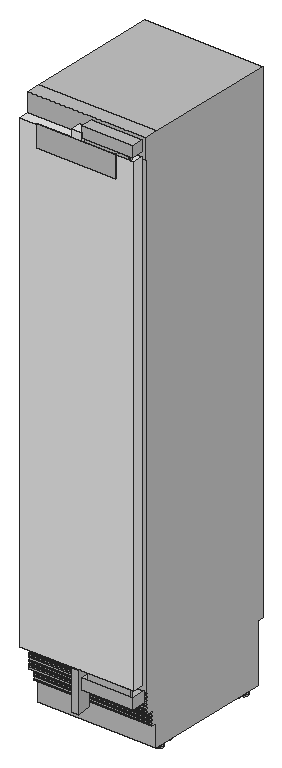
Revit family "FP-Revit20-en-RS4621FRJE1-Freezer-0-AS-AU-CN-EU-IE-NZ-SG-UK-90001089A", category Specialty Equipment, Revit 2020
Family settings
  Round Connector Dimension = Use Diameter
  Part Type = Normal
  OmniClass Number = 23.40.40.11.11
  OmniClass Title = Refrigerators and Freezers
  Work Plane-Based = No
  Always vertical = Yes
  Cut with Voids When Loaded = Yes
  Shared = No
  Room Calculation Point = No
Parameters (values of type "RS4621FRJE1")
  Visibility - Water Connection = no
  Visibility - Visibility Control Note = yes
  Visibility - Clearance Required = yes
  URL = "www.fisherpaykel.com"
  Stainless Steel Door Panels (RD4612L10D) = no
  Product - Width = 451 mm  # constant formula
  Product - Height = 2134 mm  # constant formula
  Product - Depth (exl front panel) = 610 mm  # constant formula
  Model = "RS4621FRJE1"
  Material - Handle = Fisher & Paykel - Aluminium
  Material - Door Structure = Fisher & Paykel - White
  Material - Door Front = Fisher & Paykel - Stainless Steel
  Material - Body = Fisher & Paykel - Grey
  Manufacturer = "Fisher & Paykel Appliances"
  Handle Style - Contemporary Square (AHD3-RD21) = no
  Handle Style - Contemporary Round (AHS-RD21) = no
  Description = "46cm Integrated Column Freezer, stainless steel interior"
  Default Elevation = 0 mm
  Connector Description - Water = "Water Supply not required"
  Connector Description - Electrical = "230 V, 10 amp fused electrical supply"
  Cavity - Width = 457 mm  # constant formula
  Cavity - Height = 2134 mm  # constant formula
  Cavity - Depth = 650 mm  # constant formula
Types (4, lengths in mm): name | Visibility - Water Connection | Model | Description | Connector Description - Water
  (no name) | no | "RS4621FRJE1" | "46cm Integrated Column Freezer, stainless steel interior" | "Water Supply not required"
  RS4621FRJK1 | yes | "RS4621FRJK1" | "46cm Integrated Column Freezer with internal ice maker, stainless steel interior" | "1/2 BSP Stainless steel braided hose"
  RS4621FRJE1 | no | "RS4621FRJE1" | "46cm Integrated Column Freezer, stainless steel interior" | "Water Supply not required"
  RS4621FRJ1 | yes | "RS4621FRJ1" | "46cm Integrated Column Freezer with internal ice maker, white interior" | "1/2 BSP Stainless steel braided hose"
Reference planes
  plane 1 "Datum": y = 0
  plane 2: z = 0
  plane 3 "Center (Left/Right)": x = 0
  plane 4 "Product LHS": x = -225.5
  plane 5 "Product RHS": x = 225.5
  plane 6 "Product - Depth": y = 610
  plane 7 "Cavity LHS": x = -228.5
  plane 8 "Cavity RHS": x = 228.5
  plane 9 "Cavity - Depth": y = 628
  plane 10 "Handle Offset": x = -162.5
  plane 11 "Product Height": z = 2134
  plane 12 "Cavity Height": z = 2134
  plane 13 "Door Panel Datum": y = -4.1
Forms (mm)
  Extrusion 1, solid, material "Fisher & Paykel - Grey" <- "Material - Body", detail levels fine
    sketch origin (0, 0, 0) x (0, 1, 0) y (0, 0, 1)
      loop
        line (100.1, 19.1) -> (587.9, 19.1) -> (587.9, 239.7) -> (610, 239.7) -> (610, 2131.9) -> (105.1, 2131.9) -> (105.1, 2134) -> (49.9, 2134) -> (49.9, 2059) -> (56, 2059) -> (56, 228.6) -> (59.5, 228.6) -> (59.5, 219.7) -> (56.5, 219.7) -> (56.5, 215.9) -> (59.5, 215.9) -> (59.5, 207) -> (56.5, 207) -> (56.5, 203.2) -> (59.5, 203.2) -> (59.5, 194.3) -> (56.5, 194.3) -> (56.5, 190.5) -> (59.5, 190.5) -> (59.5, 181.6) -> (56.5, 181.6) -> (56.5, 177.8) -> (59.5, 177.8) -> (59.5, 168.9) -> (56.5, 168.9) -> (56.5, 165.1) -> (59.5, 165.1) -> (59.5, 156.2) -> (56.5, 156.2) -> (56.5, 152.4) -> (84.1, 152.4) -> (84.1, 143.5) -> (81.1, 143.5) -> (81.1, 139.7) -> (84.1, 139.7) -> (84.1, 130.8) -> (81.1, 130.8) -> (81.1, 127) -> (84.1, 127) -> (84.1, 118.1) -> (81.1, 118.1) -> (81.1, 114.3) -> (84.1, 114.3) -> (84.1, 105.4) -> (81.1, 105.4) -> (81.1, 101.6) -> (100.1, 101.6) -> (100.1, 19.1)
    from -225.5 to 225.5
  Extrusion 2, solid, material "Fisher & Paykel - Grey" <- "Material - Body"
    sketch origin (0, 0, 0) x (1, 0, 0) y (0, 1, 0)
      loop
        circle (-205, 547.8) r 4.1
      loop
        circle (-205, 141.8) r 4.1
      loop
        circle (205, 547.8) r 4.1
      loop
        circle (205, 141.8) r 4.1
    from 3 to 19.5
  Extrusion 3, solid, material "Fisher & Paykel - Grey" <- "Material - Body"
    sketch origin (0, 0, 0) x (1, 0, 0) y (0, 1, 0)
      loop
        circle (-205, 547.8) r 14.5
      loop
        circle (-205, 141.8) r 14.555
      loop
        circle (205, 547.8) r 14.5
      loop
        circle (205, 141.8) r 14.555
    from 0 to 3
  Extrusion 4, solid, material "Fisher & Paykel - Grey" <- "Material - Body", detail levels fine
    sketch origin (0, 0, 0) x (1, 0, 0) y (0, 1, 0)
      loop
        line (-7.5, 49) -> (-13.797, -4.1) -> (13.797, -4.1) -> (7.5, 49) -> (-7.5, 49)
    from 104.2 to 254.2
  Extrusion 5, solid, material "Fisher & Paykel - Grey" <- "Material - Body", detail levels fine
    sketch origin (0, 0, 0) x (1, 0, 0) y (0, 0, 1)
      loop
        line (213.9, 2123.15) -> (18.92, 2123.15) -> (18.92, 2081.05) -> (213.9, 2081.05) -> (213.9, 2123.15)
    from -49 to -2.5
  Extrusion 6, solid, material "Fisher & Paykel - Grey" <- "Material - Body", detail levels fine
    sketch origin (0, 0, 0) x (1, 0, 0) y (0, 0, 1)
      loop
        line (41.9, 254.2) -> (41.9, 229.75) -> (206.9, 229.75) -> (206.9, 254.2) -> (41.9, 254.2)
      loop
        line (29.5, 2081.05) -> (29.5, 2068.6) -> (206.9, 2068.6) -> (206.9, 2076.05) -> (166.9, 2081.05) -> (29.5, 2081.05)
    from -7 to -4
  Extrusion 7, solid, material "Fisher & Paykel - Grey" <- "Material - Body", detail levels fine
    sketch origin (0, 0, 0) x (0, 1, 0) y (0, 0, 1)
      loop
        line (0, 2070.6) -> (0, 1988.6) -> (2, 1988.6) -> (2, 2068.6) -> (4, 2068.6) -> (4, 2070.6) -> (0, 2070.6)
    from -150 to 150
  Extrusion 8, solid, material "Fisher & Paykel - Grey" <- "Material - Body"
    sketch origin (0, 0, 0) x (1, 0, 0) y (0, 0, 1)
      loop
        circle (150.5, 119.813) r 5
      loop
        circle (-150.5, 119.813) r 5
    from -590 to -587.9
  Extrusion 9, solid, material "Fisher & Paykel - White" <- "Material - Door Structure"
    sketch origin (0, 0, 0) x (1, 0, 0) y (0, 1, 0)
      loop
        line (-200.5, 56) -> (-200.5, 42) -> (200.5, 42) -> (200.5, 56) -> (-200.5, 56)
    from 269.6 to 2030.7
  Extrusion 10, solid, material "Fisher & Paykel - White" <- "Material - Door Structure"
    sketch origin (0, 0, 0) x (1, 0, 0) y (0, 1, 0)
      loop
        line (-216.9, 42) -> (-216.9, 3) -> (216.9, 3) -> (216.9, 42) -> (-216.9, 42)
    from 254.2 to 2068.6
  Extrusion 11, solid, material "Fisher & Paykel - White" <- "Material - Door Structure", detail levels fine
    sketch origin (0, 0, 0) x (1, 0, 0) y (0, 0, 1)
      loop
        line (-18.92, 2100.1) -> (-18.92, 2068.6) -> (18.92, 2068.6) -> (18.92, 2100.1) -> (-18.92, 2100.1)
    from -42 to -3
  Extrusion 12, solid, material "Fisher & Paykel - Stainless Steel" <- "Material - Door Front", visible <- "Stainless Steel Door Panels (RD4612L10D)"
    sketch origin (0, 0, 0) x (0, 1, 0) y (0, 0, 1)
      loop
        line (-22.1, 2130.8) -> (-22.1, 102) -> (-4.1, 102) -> (-4.1, 2130.8) -> (-22.1, 2130.8)
    from -225.5 to 225.5
  Extrusion 13, solid, material "Fisher & Paykel - Grey" <- "Material - Body", detail levels coarse+medium
    sketch origin (0, 0, 0) x (0, 1, 0) y (0, 0, 1)
      loop
        line (49.9, 2134) -> (49.9, 2059) -> (56, 2059) -> (56, 152.4) -> (81.1, 152.4) -> (81.1, 101.6) -> (100.1, 101.6) -> (100.1, 19.1) -> (587.9, 19.1) -> (587.9, 239.7) -> (610, 239.7) -> (610, 2134) -> (49.9, 2134)
    from -225.5 to 225.5
  Extrusion 14, solid, material "Fisher & Paykel - Grey" <- "Material - Body", detail levels fine
    sketch origin (0, 0, 0) x (1, 0, 0) y (0, 0, 1)
      loop
        line (213.9, 187.65) -> (213.9, 229.75) -> (18.92, 229.75) -> (18.92, 187.65) -> (213.9, 187.65)
    from -56 to -2.5
  Extrusion 15, solid, material "Fisher & Paykel - Grey" <- "Material - Body", detail levels fine
    sketch origin (0, 0, -4) x (0, 1, 0) y (0, 0, 1)
      loop
        arc (163.888, 23.1) -> (180.4, 13.63) -> (196.912, 23.1) r 19.13
        line (196.912, 23.1) -> (163.888, 23.1)
      loop
        arc (493.888, 23.1) -> (510.4, 13.63) -> (526.912, 23.1) r 19.13
        line (526.912, 23.1) -> (493.888, 23.1)
    from 191 to 219
  Extrusion 16, solid, material "Fisher & Paykel - Grey" <- "Material - Body", detail levels fine
    sketch origin (0, 0, -4) x (0, 1, 0) y (0, 0, -1)
      loop
        line (163.888, -23.1) -> (196.912, -23.1)
        arc (196.912, -23.1) -> (180.4, -13.63) -> (163.888, -23.1) r 19.13
      loop
        line (493.888, -23.1) -> (526.912, -23.1)
        arc (526.912, -23.1) -> (510.4, -13.63) -> (493.888, -23.1) r 19.13
    from 191 to 219
  Extrusion 17, solid, material "Fisher & Paykel - Clearance Required", visible <- "Visibility - Clearance Required", detail levels coarse
    sketch origin (0, 0, 0) x (1, 0, 0) y (0, 1, 0)
      loop
        line (-228.5, 628) -> (-228.5, -4.1) -> (228.5, -4.1) -> (228.5, 628) -> (-228.5, 628)
    from 0 to 2134
  Extrusion 18, void
    sketch origin (0, 0, 0) x (1, 0, 0) y (0, 1, 0)
      loop
        line (-228.5, 628) -> (-228.5, -22.1) -> (228.5, -22.1) -> (228.5, 628) -> (-228.5, 628)
    from 0 to 2134
  Extrusion 19, solid, material "Fisher & Paykel - Clearance Required", visible <- "Visibility - Clearance Required", detail levels coarse
    sketch origin (0, 0, 0) x (1, 0, 0) y (0, 1, 0)
      loop
        line (225.5, -22) -> (-225.5, -22)
        arc (-225.5, -22) -> (-5.345, -426.678) -> (453.319, -469.812) r 489.999
        line (453.319, -469.812) -> (431.257, -422.5) -> (458.764, -409.673)
        arc (458.764, -409.673) -> (467.405, -384.436) -> (441.854, -376.771) r 18.51
        line (441.854, -376.771) -> (415.635, -389) -> (262.718, -61.136)
        arc (262.718, -61.136) -> (228.121, -56.773) -> (225.5, -22) r 27.557
    from 0 to 2134
Lines and regions (mm)
  model lines, style "Fisher & Paykel"
    curve 1: line (-225.5, -4.1, 2130.8) -> (225.5, -4.1, 2130.8)
    curve 2: line (-225.5, -4.1, 102) -> (-225.5, -4.1, 2130.8)
    curve 3: line (225.5, -4.1, 102) -> (-225.5, -4.1, 102)
    curve 4: line (225.5, -4.1, 2130.8) -> (225.5, -4.1, 102)
Text (mm)
  text "Due to ongoing product development, product details are subject to change without notice. \nPlease always refer to www.fisherpaykel.com for the most current product information. \n© Fisher & Paykel 2020" at (41.04, -588.295, 0), in view "Ref. Level (Plan)"
Dimensions and locks
  equal spacing: plane 4 "Product LHS", plane 3 "Center (Left/Right)", plane 5 "Product RHS"
  "Product - Width": plane 4 "Product LHS" to plane 5 "Product RHS"
  "Product - Depth (exl front panel)": plane 1 "Datum" to plane 6 "Product - Depth"
  equal spacing: plane 7 "Cavity LHS", plane 3 "Center (Left/Right)", plane 8 "Cavity RHS"
  "Cavity - Width": plane 7 "Cavity LHS" to plane 8 "Cavity RHS"
  plane 4 "Product LHS" to Extrusion 2 sketch curve = 24.6 mm
  Extrusion 8 sketch curve to Extrusion 1 = 119.887 mm  (x2)
  Extrusion 8 sketch curve to plane 5 "Product RHS" = 75 mm
  plane 4 "Product LHS" to Extrusion 8 sketch curve = 75 mm
  Extrusion 1 sketch curve to Extrusion 1 sketch curve = 82.5 mm
  Extrusion 1 sketch curve to Extrusion 1 sketch curve = 209.5 mm
  Extrusion 1 sketch curve to Extrusion 1 sketch curve = 220.6 mm
  Extrusion 3 to level = 3 mm
  Extrusion 13 to Extrusion 10 = 235.1 mm
  Extrusion 13 to Extrusion 9 = 250.5 mm
  Extrusion 13 to Extrusion 13 = 2114.9 mm
  "Product - Height": level to plane 11 "Product Height"
  plane 11 "Product Height" to Extrusion 12 = 3.2 mm
  Extrusion 10 to plane 11 "Product Height" = 65.4 mm
  Extrusion 9 to plane 11 "Product Height" = 103.3 mm
  Extrusion 13 sketch curve to plane 11 "Product Height" = 75 mm
  Extrusion 1 sketch curve to plane 11 "Product Height" = 2.1 mm
  Extrusion 1 sketch curve to plane 11 "Product Height" = 75 mm
  "Cavity - Height": plane 12 "Cavity Height" to level
  plane 1 "Datum" to Extrusion 17 = 628 mm
  plane 1 "Datum" to Extrusion 18 = 628 mm
  plane 4 "Product LHS" to plane 10 "Handle Offset" = 63 mm
  Extrusion 12 to Extrusion 6 sketch curve = 58.6 mm
  Extrusion 6 sketch curve to Extrusion 12 = 18.6 mm
  Extrusion 12 to Extrusion 6 sketch curve = 196 mm
  "Cavity - Depth": plane 9 "Cavity - Depth" to Extrusion 19
  Extrusion 19 to plane 1 "Datum" = 22 mm
  radius of Extrusion 8 sketch curve = 5 mm
  aligned and locked: level to plane 2
  aligned and locked: Extrusion 12 to plane 5 "Product RHS"
  aligned and locked: plane 4 "Product LHS" to Extrusion 12
  aligned and locked: Extrusion 13 to plane 5 "Product RHS"
  aligned and locked: Extrusion 13 to plane 4 "Product LHS"
  aligned and locked: Extrusion 13 sketch curve to plane 11 "Product Height"
  aligned and locked: plane 11 "Product Height" to Extrusion 1 sketch curve
  aligned and locked: Extrusion 15 sketch curve to Extrusion 15 sketch curve
  aligned and locked: Extrusion 16 sketch curve to Extrusion 16 sketch curve
  aligned and locked: Extrusion 1 to plane 5 "Product RHS"
  aligned and locked: plane 4 "Product LHS" to Extrusion 1
  aligned and locked: Extrusion 13 sketch curve to Extrusion 1  (x4)
  aligned and locked: nested 3 to plane 10 "Handle Offset"
  aligned and locked: nested 2 to plane 10 "Handle Offset"
  aligned and locked: Extrusion 18 to Extrusion 1
Automatic sketch dimensions
  Extrusion 1 sketch curve to plane 6 "Product - Depth" = 0 mm
  Extrusion 1 sketch curve to Extrusion 1 sketch curve = 22.1 mm
  Extrusion 1 sketch curve to plane 1 "Datum" = 105.1 mm
  level to Extrusion 1 sketch curve = 19.1 mm
  Extrusion 1 sketch curve to plane 1 "Datum" = 100.1 mm
  Extrusion 1 sketch curve to Extrusion 1 sketch curve = 16 mm
  Extrusion 1 sketch curve to Extrusion 1 sketch curve = 0 mm  (x8)
  Extrusion 1 sketch curve to Extrusion 1 sketch curve = 3 mm  (x10)
  Extrusion 1 sketch curve to plane 1 "Datum" = 59.5 mm
  Extrusion 1 sketch curve to plane 1 "Datum" = 56 mm
  Extrusion 1 sketch curve to plane 1 "Datum" = 49.9 mm
  Extrusion 1 sketch curve to Extrusion 1 sketch curve = 3.8 mm  (x10)
  Extrusion 1 sketch curve to Extrusion 1 sketch curve = 8.9 mm  (x9)
  Extrusion 2 sketch curve to plane 4 "Product LHS" = 20.5 mm  (x2)
  plane 5 "Product RHS" to Extrusion 2 sketch curve = 20.5 mm  (x2)
  Extrusion 2 sketch curve to plane 1 "Datum" = 141.8 mm  (x2)
  Extrusion 2 sketch curve to plane 6 "Product - Depth" = 62.2 mm  (x2)
  Extrusion 3 sketch curve to plane 4 "Product LHS" = 20.5 mm  (x2)
  plane 5 "Product RHS" to Extrusion 3 sketch curve = 20.5 mm  (x2)
  Extrusion 3 sketch curve to plane 1 "Datum" = 141.8 mm  (x2)
  Extrusion 3 sketch curve to plane 6 "Product - Depth" = 62.2 mm  (x2)
  plane 1 "Datum" to Extrusion 4 sketch curve = 4.1 mm
  Extrusion 4 sketch curve to plane 3 "Center (Left/Right)" = 13.797 mm
  Extrusion 4 sketch curve to plane 3 "Center (Left/Right)" = 7.5 mm
  plane 3 "Center (Left/Right)" to Extrusion 4 sketch curve = 7.5 mm
  plane 3 "Center (Left/Right)" to Extrusion 4 sketch curve = 13.797 mm
  Extrusion 4 sketch curve to plane 1 "Datum" = 49 mm
  plane 3 "Center (Left/Right)" to Extrusion 5 sketch curve = 18.92 mm
  plane 5 "Product RHS" to Extrusion 5 sketch curve = 11.6 mm
  plane 11 "Product Height" to Extrusion 5 sketch curve = 52.95 mm
  plane 11 "Product Height" to Extrusion 5 sketch curve = 10.85 mm
  plane 3 "Center (Left/Right)" to Extrusion 6 sketch curve = 41.9 mm
  plane 5 "Product RHS" to Extrusion 6 sketch curve = 18.6 mm
  level to Extrusion 6 sketch curve = 229.75 mm
  Extrusion 6 sketch curve to Extrusion 6 sketch curve = 24.45 mm
  plane 11 "Product Height" to Extrusion 6 sketch curve = 65.4 mm
  Extrusion 6 sketch curve to Extrusion 6 sketch curve = 7.45 mm
  Extrusion 6 sketch curve to Extrusion 6 sketch curve = 5 mm
  Extrusion 7 sketch curve to plane 1 "Datum" = 0 mm
  Extrusion 7 sketch curve to plane 1 "Datum" = 2 mm
  Extrusion 7 sketch curve to Extrusion 7 sketch curve = 2 mm  (x2)
  plane 11 "Product Height" to Extrusion 7 sketch curve = 145.4 mm
  plane 11 "Product Height" to Extrusion 7 sketch curve = 65.4 mm
  Extrusion 9 sketch curve to plane 4 "Product LHS" = 25 mm
  plane 5 "Product RHS" to Extrusion 9 sketch curve = 25 mm
  Extrusion 9 sketch curve to plane 1 "Datum" = 42 mm
  Extrusion 9 sketch curve to Extrusion 9 sketch curve = 14 mm
  Extrusion 10 sketch curve to plane 1 "Datum" = 3 mm
  Extrusion 10 sketch curve to plane 4 "Product LHS" = 8.6 mm
  plane 5 "Product RHS" to Extrusion 10 sketch curve = 8.6 mm
  Extrusion 10 sketch curve to Extrusion 10 sketch curve = 39 mm
  Extrusion 11 sketch curve to plane 3 "Center (Left/Right)" = 18.92 mm
  plane 3 "Center (Left/Right)" to Extrusion 11 sketch curve = 18.92 mm
  plane 11 "Product Height" to Extrusion 11 sketch curve = 65.4 mm
  Extrusion 11 sketch curve to Extrusion 11 sketch curve = 31.5 mm
  plane 1 "Datum" to Extrusion 12 sketch curve = 22.1 mm
  plane 1 "Datum" to Extrusion 12 sketch curve = 4.1 mm
  level to Extrusion 12 sketch curve = 102 mm
  plane 11 "Product Height" to Extrusion 12 sketch curve = 3.2 mm
  Extrusion 13 sketch curve to plane 6 "Product - Depth" = 0 mm
  Extrusion 13 sketch curve to plane 6 "Product - Depth" = 22.1 mm
  Extrusion 13 sketch curve to plane 1 "Datum" = 100.1 mm
  Extrusion 13 sketch curve to Extrusion 13 sketch curve = 19 mm
  Extrusion 13 sketch curve to plane 1 "Datum" = 56 mm
  Extrusion 13 sketch curve to plane 1 "Datum" = 49.9 mm
  plane 3 "Center (Left/Right)" to Extrusion 14 sketch curve = 18.92 mm
  plane 5 "Product RHS" to Extrusion 14 sketch curve = 11.6 mm
  level to Extrusion 14 sketch curve = 187.65 mm
  Extrusion 14 sketch curve to Extrusion 14 sketch curve = 42.1 mm
  level to Extrusion 15 sketch curve = 19.1 mm
  Extrusion 15 sketch curve to plane 1 "Datum" = 163.888 mm
  Extrusion 15 sketch curve to Extrusion 15 sketch curve = 16.512 mm  (x2)
  Extrusion 15 sketch curve to plane 6 "Product - Depth" = 116.112 mm
  Extrusion 15 sketch curve to Extrusion 15 sketch curve = 9.66 mm  (x2)
  level to Extrusion 16 sketch curve = 19.1 mm
  Extrusion 16 sketch curve to plane 1 "Datum" = 163.888 mm
  Extrusion 16 sketch curve to Extrusion 16 sketch curve = 16.512 mm  (x2)
  Extrusion 16 sketch curve to plane 6 "Product - Depth" = 116.112 mm
  Extrusion 16 sketch curve to Extrusion 16 sketch curve = 9.66 mm  (x2)
  Extrusion 17 sketch curve to plane 7 "Cavity LHS" = 0 mm
  Extrusion 17 sketch curve to plane 8 "Cavity RHS" = 0 mm
  Extrusion 17 sketch curve to plane 9 "Cavity - Depth" = 0 mm
  plane 1 "Datum" to Extrusion 17 sketch curve = 4.1 mm
  Extrusion 18 sketch curve to plane 7 "Cavity LHS" = 0 mm
  Extrusion 18 sketch curve to plane 8 "Cavity RHS" = 0 mm
  Extrusion 18 sketch curve to plane 9 "Cavity - Depth" = 0 mm
  plane 1 "Datum" to Extrusion 18 sketch curve = 22.1 mm
  Extrusion 19 sketch curve to plane 4 "Product LHS" = 0 mm
  plane 5 "Product RHS" to Extrusion 19 sketch curve = 0 mm
  Extrusion 19 sketch curve to plane 8 "Cavity RHS" = 19.59 mm
  Extrusion 19 sketch curve to Extrusion 19 sketch curve = 14.629 mm
  plane 1 "Datum" to Extrusion 19 sketch curve = 17.663 mm
  Extrusion 19 sketch curve to Extrusion 19 sketch curve = 16.39 mm
  Extrusion 19 sketch curve to plane 8 "Cavity RHS" = 187.135 mm
  Extrusion 19 sketch curve to Extrusion 19 sketch curve = 15.622 mm
  Extrusion 19 sketch curve to Extrusion 19 sketch curve = 26.219 mm
  Extrusion 19 sketch curve to Extrusion 19 sketch curve = 9.088 mm
  Extrusion 19 sketch curve to Extrusion 19 sketch curve = 22.062 mm
  Extrusion 19 sketch curve to Extrusion 19 sketch curve = 7.823 mm
  plane 1 "Datum" to Extrusion 19 sketch curve = 22 mm
  Extrusion 19 sketch curve to Extrusion 19 sketch curve = 20.12 mm
  Extrusion 19 sketch curve to Extrusion 19 sketch curve = 93.041 mm
  Extrusion 19 sketch curve to Extrusion 19 sketch curve = 16.126 mm
  plane 5 "Product RHS" to curve 1 = 0 mm
  plane 4 "Product LHS" to curve 3 = 0 mm
  level to curve 3 = 102 mm
  plane 11 "Product Height" to curve 2 = 3.2 mm
  radius of Extrusion 2 sketch curve = 4.1 mm  (x3)
  radius of Extrusion 3 sketch curve = 14.5 mm  (x2)
  radius of Extrusion 3 sketch curve = 14.555 mm  (x2)
  radius of Extrusion 8 sketch curve = 5 mm
Nested families
  nested 1: "Visibility Control Note 18" at (0, 0, 0), visible <- "Visibility - Visibility Control Note", type "Visibility Control Note 18"
  nested 2: "Handle Contemporary Round - Vertical" at (-162.5, -22.1, 1242.58), visible <- "Handle Style - Contemporary Round (AHS-RD21)", type "AHS-RD21 - Contemporary round handle (Vertical) 852mm"
  nested 3: "Handle Contemporary Square - Vertical" at (-162.5, -22.1, 1242.58), visible <- "Handle Style - Contemporary Square (AHD3-RD21)", type "AHD3-RD21 - Contemporary square handle (Vertical) 852mm"
Connectors
  electrical at (-150.5, 590, 119.813), driven by "Connector Description - Electrical"
    settings: on Extrusion 8, index 1, voltage 230 V, apparent load 0 VA, apparent load phase1 0 VA, apparent load phase2 0 VA, apparent load phase3 0 VA, power factor 1, load classification "Other", number of poles 1, system type 30, power factor state 1, is connector primary yes, connector utility no, sub classification motor no, connector description "230 V, 10 amp fused electrical supply"
  piping at (150.5, 590, 119.813), diameter 12.7, driven by "Connector Description - Water", driven by "Visibility - Water Connection"
    settings: on Extrusion 8, index 2, connector inside diameter 609.6 mm, connector length 0 mm, flow factor 0, pipe flow 0.0 L/s, pressure drop 0.0 Pa, fitting loss kfactor 0, connector angle 0.00°, fixture units 0, engagement length 0 mm, angle of deflection 0.00°, flow configuration 0, flow direction 1, fitting loss method 0, system type 20, joint type 0, gender type 0, connector reference index -1, connector utility 0, adjustable connector no, is connector primary yes, connector description "Water Supply not required"
Definition of nested family "Handle Contemporary Round - Vertical"
  Parameters (values of type "AHSRS80A - Contemporary round handle (1 of 2) (Vertical) 727mm")
    URL = "www.fisherpaykel.com"
    Material - Handle = none
    Manufacturer = "Fisher & Paykel Appliances"
    Handle - Length = 727 mm
    Default Elevation = 0 mm
  Types (6, lengths in mm): name | Handle - Length
    AHS-RD21 - Contemporary round handle (Vertical) 852mm | 852
    AHSRD2484W - Contemporary round handle (1 of 2) (Vertical) 727mm | 727
    AHSRD3084W - Contemporary round handle (1 of 2) (Vertical) 727mm | 727
    AHS-RD84 - Contemporary round handle (Vertical) 852mm | 852
    AHSRS3272A - Contemporary round handle (1 of 2) (Vertical) 727mm | 727
    AHSRS80A - Contemporary round handle (1 of 2) (Vertical) 727mm | 727
  Reference planes
    plane 1 "Center (Front/Back)": y = 0
    plane 2: z = 0
    plane 3 "Center (Left/Right)": x = 0
    plane 4 "Top": z = 363.5
    plane 5 "Bottom": z = -363.5
    plane 6 "Top Standoff": z = 243.5
    plane 7 "Bottom Standoff": z = -243.5
  Forms (mm)
    Extrusion 1, solid, material <- "Material - Handle"
      sketch origin (0, 0, 0) x (1, 0, 0) y (0, 1, 0)
        loop
          circle (0, -32.3) r 8.7
      from -243.5 to 243.5
    Extrusion 2, solid, material <- "Material - Handle", detail levels fine
      sketch origin (0, 0, 0) x (1, 0, 0) y (0, 1, 0)
        loop
          line (-8.7, 0) -> (-8.7, -32.3)
          arc (-8.7, -32.3) -> (0, -41) -> (8.7, -32.3) r 8.7
          line (8.7, -32.3) -> (8.7, 0) -> (-8.7, 0)
      from 243.5 to 363.5
    Extrusion 3, solid, material <- "Material - Handle", detail levels fine
      sketch origin (0, 0, 0) x (1, 0, 0) y (0, 1, 0)
        loop
          line (-8.7, 0) -> (-8.7, -32.3)
          arc (-8.7, -32.3) -> (0, -41) -> (8.7, -32.3) r 8.7
          line (8.7, -32.3) -> (8.7, 0) -> (-8.7, 0)
      from -363.5 to -243.5
    Sweep 4, void
      path in 3D
        loop
          line (8.7, 0, -363.5) -> (8.7, -32.3, -363.5)
          arc (8.7, -32.3, -363.5) -> (0, -41, -363.5) -> (-8.7, -32.3, -363.5) r 8.7
          line (-8.7, -32.3, -363.5) -> (-8.7, 0, -363.5)
      profile origin (8.7, -16.15, -363.5) x (-1, 0, 0) y (0, 0, -1)
        loop
          line (0, 0) -> (0, -1) -> (1, 0) -> (0, 0)
    Sweep 5, void
      path in 3D
        loop
          line (-8.7, 0, 363.5) -> (-8.7, -32.3, 363.5)
          arc (-8.7, -32.3, 363.5) -> (0, -41, 363.5) -> (8.7, -32.3, 363.5) r 8.7
          line (8.7, -32.3, 363.5) -> (8.7, 0, 363.5)
      profile origin (8.7, -16.15, 363.5) x (-1, 0, 0) y (0, 0, 1)
        loop
          line (0, 0) -> (0, -1) -> (1, 0) -> (0, 0)
    Extrusion 6, solid, material <- "Material - Handle", detail levels coarse+medium
      sketch origin (0, 0, 0) x (1, 0, 0) y (0, 1, 0)
        loop
          line (-8.7, 0) -> (-8.7, -32.3)
          arc (-8.7, -32.3) -> (0, -41) -> (8.7, -32.3) r 8.7
          line (8.7, -32.3) -> (8.7, 0) -> (-8.7, 0)
      from 243.5 to 363.5
    Extrusion 7, solid, material <- "Material - Handle", detail levels coarse+medium
      sketch origin (0, 0, 0) x (1, 0, 0) y (0, 1, 0)
        loop
          line (-8.7, 0) -> (-8.7, -32.3)
          arc (-8.7, -32.3) -> (0, -41) -> (8.7, -32.3) r 8.7
          line (8.7, -32.3) -> (8.7, 0) -> (-8.7, 0)
      from -363.5 to -243.5
  Cuts and joins
    Sweep 4 cuts Extrusion 3
    Sweep 5 cuts Extrusion 2
  Lines and regions (mm)
    sketch lines
      curve 1: line (8.7, 0, -363.5) -> (8.7, -32.3, -363.5)
      curve 2: arc (-8.7, -32.3, -363.5) -> (0, -41, -363.5) -> (8.7, -32.3, -363.5) r 8.7
      curve 3: line (-8.7, -32.3, -363.5) -> (-8.7, 0, -363.5)
      curve 4: line (8.7, -32.3, 363.5) -> (8.7, 0, 363.5)
      curve 5: arc (8.7, -32.3, 363.5) -> (0, -41, 363.5) -> (-8.7, -32.3, 363.5) r 8.7
      curve 6: line (-8.7, 0, 363.5) -> (-8.7, -32.3, 363.5)
  Dimensions and locks
    equal spacing: plane 4 "Top", level, plane 5 "Bottom"
    "Handle - Length": plane 4 "Top" to plane 5 "Bottom"
    locked: plane 4 "Top" to plane 6 "Top Standoff" at 120
    locked: plane 7 "Bottom Standoff" to plane 5 "Bottom" at 120
    Extrusion 2 sketch curve to Extrusion 2 sketch curve = 17.4 mm
    Extrusion 3 sketch curve to Extrusion 3 sketch curve = 17.4 mm
    Extrusion 6 sketch curve to Extrusion 6 sketch curve = 17.4 mm
    Extrusion 7 sketch curve to Extrusion 7 sketch curve = 17.4 mm
    aligned and locked: level to plane 2
    aligned and locked: plane 4 "Top" to Extrusion 2
    aligned and locked: Extrusion 3 to plane 5 "Bottom"
    aligned and locked: plane 7 "Bottom Standoff" to Extrusion 3
    aligned and locked: Extrusion 1 to plane 7 "Bottom Standoff"
    aligned and locked: plane 6 "Top Standoff" to Extrusion 1
    aligned and locked: Extrusion 2 to Extrusion 1
    aligned and locked: Extrusion 6 to Extrusion 1
    aligned and locked: plane 4 "Top" to Extrusion 6
    aligned and locked: Extrusion 7 to Extrusion 1
    aligned and locked: Extrusion 7 to plane 5 "Bottom"
  Automatic sketch dimensions
    Extrusion 1 sketch curve to plane 3 "Center (Left/Right)" = 0 mm
    plane 1 "Center (Front/Back)" to Extrusion 1 sketch curve = 32.3 mm
    plane 1 "Center (Front/Back)" to Extrusion 2 sketch curve = 0 mm
    Extrusion 2 sketch curve to plane 3 "Center (Left/Right)" = 0 mm
    Extrusion 2 sketch curve to plane 3 "Center (Left/Right)" = 8.7 mm
    plane 1 "Center (Front/Back)" to Extrusion 2 sketch curve = 32.3 mm
    plane 1 "Center (Front/Back)" to Extrusion 3 sketch curve = 0 mm
    Extrusion 3 sketch curve to plane 3 "Center (Left/Right)" = 0 mm
    Extrusion 3 sketch curve to plane 3 "Center (Left/Right)" = 8.7 mm
    plane 1 "Center (Front/Back)" to Extrusion 3 sketch curve = 32.3 mm
    Sweep 4 sketch curve to profile plane = 0 mm  (x2)
    Sweep 4 sketch curve to profile plane = 1 mm  (x2)
    Sweep 5 sketch curve to profile plane = 0 mm  (x2)
    Sweep 5 sketch curve to profile plane = 1 mm  (x2)
    Extrusion 6 sketch curve to plane 3 "Center (Left/Right)" = 0 mm
    Extrusion 6 sketch curve to plane 3 "Center (Left/Right)" = 8.7 mm
    plane 1 "Center (Front/Back)" to Extrusion 6 sketch curve = 32.3 mm
    Extrusion 6 sketch curve to Extrusion 6 sketch curve = 32.3 mm
    Extrusion 7 sketch curve to plane 3 "Center (Left/Right)" = 0 mm
    Extrusion 7 sketch curve to plane 3 "Center (Left/Right)" = 8.7 mm
    plane 1 "Center (Front/Back)" to Extrusion 7 sketch curve = 32.3 mm
    Extrusion 7 sketch curve to Extrusion 7 sketch curve = 32.3 mm
    radius of Extrusion 1 sketch curve = 8.7 mm
Definition of nested family "Handle Contemporary Square - Vertical"
  Parameters (values of type "AHD3RS80A - Contemporary square handle (1 of 2) (Vertical) 727mm")
    URL = "www.fisherpaykel.com"
    Material - Handle = none
    Manufacturer = "Fisher & Paykel Appliances"
    Handle - Length = 727 mm
    Default Elevation = 0 mm
  Types (7, lengths in mm): name | Handle - Length
    (no name) | 727
    AHD3-RD21 - Contemporary square handle (Vertical) 852mm | 852
    AHD3RD2484W - Contemporary square handle (1 of 2) (Vertical) 727mm | 727
    AHD3RD3084W - Contemporary square handle (1 of 2) (Vertical) 727mm | 727
    AHD3-RD84 - Contemporary square handle (Vertical) 852mm | 852
    AHD3RS3272A - Contemporary square handle (1 of 2) (Vertical) 727mm | 727
    AHD3RS80A - Contemporary square handle (1 of 2) (Vertical) 727mm | 727
  Reference planes
    plane 1 "Center (Front/Back)": y = 0
    plane 2: z = 0
    plane 3 "Center (Left/Right)": x = 0
    plane 4 "Top": z = 363.5
    plane 5 "Bottom": z = -363.5
    plane 6 "Top Standoff": z = 243.5
    plane 7 "Bottom Standoff": z = -243.5
  Forms (mm)
    Extrusion 1, solid, material <- "Material - Handle", detail levels fine
      sketch origin (0, 0, 0) x (1, 0, 0) y (0, 1, 0)
        loop
          arc (-7.583, -28.701) -> (-7.89, -29.057) -> (-8, -29.514) r 1
          line (-8, -29.514) -> (-8, -40.5)
          arc (-8, -40.5) -> (-7.561, -41.561) -> (-6.5, -42) r 1.5
          line (-6.5, -42) -> (6.5, -42)
          arc (6.5, -42) -> (7.561, -41.561) -> (8, -40.5) r 1.5
          line (8, -40.5) -> (8, -29.487)
          arc (8, -29.487) -> (7.889, -29.029) -> (7.58, -28.673) r 1
          arc (7.58, -28.673) -> (-0.006, -26.256) -> (-7.583, -28.701) r 13.038
      from -363.5 to 363.5
    Extrusion 2, solid, material <- "Material - Handle", detail levels fine
      sketch origin (0, 0, 0) x (1, 0, 0) y (0, 1, 0)
        loop
          arc (7.058, -28.23) -> (7.466, -28.244) -> (7.674, -27.893) r 0.4
          line (7.674, -27.893) -> (7.674, 0) -> (-7.674, 0) -> (-7.674, -27.86)
          arc (-7.674, -27.86) -> (-7.467, -28.21) -> (-7.06, -28.198) r 0.4
          arc (-7.06, -28.198) -> (0.004, -26.156) -> (7.058, -28.23) r 13.136
      from 243.5 to 363.5
    Extrusion 3, solid, material <- "Material - Handle", detail levels fine
      sketch origin (0, 0, 0) x (1, 0, 0) y (0, 1, 0)
        loop
          arc (7.058, -28.23) -> (7.466, -28.244) -> (7.674, -27.893) r 0.4
          line (7.674, -27.893) -> (7.674, 0) -> (-7.674, 0) -> (-7.674, -27.86)
          arc (-7.674, -27.86) -> (-7.467, -28.21) -> (-7.06, -28.198) r 0.4
          arc (-7.06, -28.198) -> (0.004, -26.156) -> (7.058, -28.23) r 13.136
      from -363.5 to -243.5
    Sweep 4, void
      path in 3D
        loop
          line (-8, -29.514, 363.5) -> (-8, -40.5, 363.5)
          arc (-8, -40.5, 363.5) -> (-7.561, -41.561, 363.5) -> (-6.5, -42, 363.5) r 1.5
          line (-6.5, -42, 363.5) -> (6.5, -42, 363.5)
          arc (6.5, -42, 363.5) -> (7.561, -41.561, 363.5) -> (8, -40.5, 363.5) r 1.5
          line (8, -40.5, 363.5) -> (8, -29.487, 363.5)
      profile origin (8, -34.994, 363.5) x (-1, 0, 0) y (0, 0, 1)
        loop
          line (0, 0) -> (0, -1.3) -> (1.3, 0) -> (0, 0)
    Sweep 5, void
      path in 3D
        loop
          line (8, -29.487, -363.5) -> (8, -40.5, -363.5)
          arc (8, -40.5, -363.5) -> (7.561, -41.561, -363.5) -> (6.5, -42, -363.5) r 1.5
          line (6.5, -42, -363.5) -> (-6.5, -42, -363.5)
          arc (-6.5, -42, -363.5) -> (-7.561, -41.561, -363.5) -> (-8, -40.5, -363.5) r 1.5
          line (-8, -40.5, -363.5) -> (-8, -29.514, -363.5)
      profile origin (8, -34.994, -363.5) x (-1, 0, 0) y (0, 0, -1)
        loop
          line (0, 0) -> (0, -1.3) -> (1.3, 0) -> (0, 0)
    Extrusion 6, void
      sketch origin (0, 0, 0) x (1, 0, 0) y (0, 0, 1)
        loop
          line (-8, -362.2) -> (-8, -363.5) -> (-6.7, -363.5) -> (-8, -362.2)
        loop
          line (8, -362.2) -> (6.7, -363.5) -> (8, -363.5) -> (8, -362.2)
      from 0 to 40
    Extrusion 7, void
      sketch origin (0, 0, 0) x (1, 0, 0) y (0, 0, 1)
        loop
          line (-8, 363.5) -> (-8, 362.2) -> (-6.7, 363.5) -> (-8, 363.5)
        loop
          line (8, 363.5) -> (6.7, 363.5) -> (8, 362.2) -> (8, 363.5)
      from 0 to 40
    Extrusion 8, solid, material <- "Material - Handle", detail levels coarse+medium
      sketch origin (0, 0, 0) x (0, 1, 0) y (0, 0, 1)
        loop
          line (0, 363.5) -> (-42, 363.5) -> (-42, -363.5) -> (0, -363.5) -> (0, -243.5) -> (-26.245, -243.5) -> (-26.245, 243.5) -> (0, 243.5) -> (0, 363.5)
      from -8 to 8
  Cuts and joins
    Sweep 4, Sweep 5, Extrusion 6, Extrusion 7 cuts Extrusion 1
    Extrusion 6 cuts Extrusion 3
    Extrusion 7 cuts Extrusion 2
  Lines and regions (mm)
    sketch lines
      curve 1: line (8, -40.5, 363.5) -> (8, -29.487, 363.5)
      curve 2: arc (8, -40.5, 363.5) -> (7.561, -41.561, 363.5) -> (6.5, -42, 363.5) r 1.5
      curve 3: line (-6.5, -42, 363.5) -> (6.5, -42, 363.5)
      curve 4: arc (-6.5, -42, 363.5) -> (-7.561, -41.561, 363.5) -> (-8, -40.5, 363.5) r 1.5
      curve 5: line (-8, -29.514, 363.5) -> (-8, -40.5, 363.5)
      curve 6: line (8, -29.487, -363.5) -> (8, -40.5, -363.5)
      curve 7: arc (6.5, -42, -363.5) -> (7.561, -41.561, -363.5) -> (8, -40.5, -363.5) r 1.5
      curve 8: line (6.5, -42, -363.5) -> (-6.5, -42, -363.5)
      curve 9: arc (-8, -40.5, -363.5) -> (-7.561, -41.561, -363.5) -> (-6.5, -42, -363.5) r 1.5
      curve 10: line (-8, -40.5, -363.5) -> (-8, -29.514, -363.5)
  Dimensions and locks
    equal spacing: plane 4 "Top", level, plane 5 "Bottom"
    "Handle - Length": plane 4 "Top" to plane 5 "Bottom"
    locked: plane 4 "Top" to plane 6 "Top Standoff" at 120
    locked: plane 7 "Bottom Standoff" to plane 5 "Bottom" at 120
    aligned and locked: level to plane 2
    aligned and locked: plane 4 "Top" to Extrusion 2
    aligned and locked: Extrusion 2 to plane 6 "Top Standoff"
    aligned and locked: plane 4 "Top" to Extrusion 1
    aligned and locked: Extrusion 1 to plane 5 "Bottom"
    aligned and locked: Extrusion 3 to plane 5 "Bottom"
    aligned and locked: plane 7 "Bottom Standoff" to Extrusion 3
    aligned and locked: plane 4 "Top" to Extrusion 8 sketch curve
    aligned and locked: plane 6 "Top Standoff" to Extrusion 8 sketch curve
    aligned and locked: plane 7 "Bottom Standoff" to Extrusion 8 sketch curve
    aligned and locked: plane 5 "Bottom" to Extrusion 8 sketch curve
    aligned and locked: plane 1 "Center (Front/Back)" to Extrusion 8 sketch curve  (x2)
  Automatic sketch dimensions
    Extrusion 1 sketch curve to plane 3 "Center (Left/Right)" = 8 mm
    Extrusion 1 sketch curve to Extrusion 1 sketch curve = 1 mm  (x2)
    Extrusion 1 sketch curve to Extrusion 1 sketch curve = 1.5 mm
    plane 3 "Center (Left/Right)" to Extrusion 1 sketch curve = 0.018 mm
    plane 3 "Center (Left/Right)" to Extrusion 1 sketch curve = 6.5 mm
    plane 3 "Center (Left/Right)" to Extrusion 1 sketch curve = 7 mm
    plane 1 "Center (Front/Back)" to Extrusion 1 sketch curve = 42 mm
    Extrusion 1 sketch curve to Extrusion 1 sketch curve = 1.206 mm
    Extrusion 1 sketch curve to Extrusion 1 sketch curve = 10.986 mm
    Extrusion 1 sketch curve to Extrusion 1 sketch curve = 11.013 mm
    Extrusion 1 sketch curve to Extrusion 1 sketch curve = 0 mm
    plane 1 "Center (Front/Back)" to Extrusion 2 sketch curve = 0 mm
    Extrusion 2 sketch curve to plane 3 "Center (Left/Right)" = 7.674 mm
    Extrusion 2 sketch curve to Extrusion 2 sketch curve = 0.4 mm  (x2)
    Extrusion 2 sketch curve to plane 3 "Center (Left/Right)" = 0.026 mm
    plane 3 "Center (Left/Right)" to Extrusion 2 sketch curve = 7.274 mm
    plane 1 "Center (Front/Back)" to Extrusion 2 sketch curve = 27.86 mm
    Extrusion 2 sketch curve to Extrusion 2 sketch curve = 0.033 mm
    Extrusion 2 sketch curve to Extrusion 2 sketch curve = 11.398 mm
    Extrusion 2 sketch curve to Extrusion 2 sketch curve = 0 mm
    plane 1 "Center (Front/Back)" to Extrusion 3 sketch curve = 0 mm
    Extrusion 3 sketch curve to Extrusion 3 sketch curve = 0.4 mm  (x2)
    Extrusion 3 sketch curve to Extrusion 3 sketch curve = 7.248 mm
    Extrusion 3 sketch curve to Extrusion 3 sketch curve = 7.3 mm
    plane 1 "Center (Front/Back)" to Extrusion 3 sketch curve = 27.86 mm
    Extrusion 3 sketch curve to Extrusion 3 sketch curve = 0.033 mm
    Extrusion 3 sketch curve to Extrusion 3 sketch curve = 11.398 mm
    Extrusion 3 sketch curve to Extrusion 3 sketch curve = 0 mm
    Sweep 4 sketch curve to profile plane = 0 mm  (x2)
    Sweep 4 sketch curve to profile plane = 1.3 mm  (x2)
    Sweep 5 sketch curve to profile plane = 0 mm  (x2)
    Sweep 5 sketch curve to profile plane = 1.3 mm  (x2)
    Extrusion 6 sketch curve to plane 5 "Bottom" = 0 mm  (x2)
    plane 5 "Bottom" to Extrusion 6 sketch curve = 1.3 mm  (x2)
    Extrusion 6 sketch curve to plane 3 "Center (Left/Right)" = 8 mm
    Extrusion 6 sketch curve to Extrusion 6 sketch curve = 1.3 mm  (x2)
    plane 3 "Center (Left/Right)" to Extrusion 6 sketch curve = 8 mm
    Extrusion 7 sketch curve to plane 4 "Top" = 0 mm  (x2)
    Extrusion 7 sketch curve to plane 3 "Center (Left/Right)" = 8 mm
    Extrusion 7 sketch curve to Extrusion 7 sketch curve = 1.3 mm  (x2)
    plane 3 "Center (Left/Right)" to Extrusion 7 sketch curve = 8 mm
    Extrusion 7 sketch curve to plane 4 "Top" = 1.3 mm  (x2)
    plane 1 "Center (Front/Back)" to Extrusion 8 sketch curve = 26.245 mm
    plane 1 "Center (Front/Back)" to Extrusion 8 sketch curve = 42 mm
    Extrusion 3 sketch curve to plane 3 "Center (Left/Right)" = 7.674 mm
Definition of nested family "Visibility Control Note 18"
  Types (3): name
    New
    Resolved
    Active
  Reference planes
    plane 1: y = 0
    plane 2: x = 0
  Text (mm)
    text "Edit Type: \nTo control handle kit \nand door panel visibility\n options\n\nDelete unwanted kits \nto reduce file size" at (-0.165, 35.556, 0)
